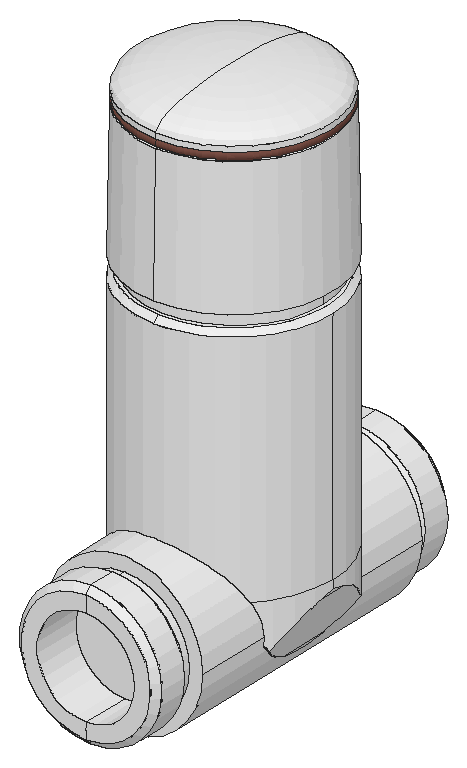
Revit family "PRD_FrankeWS_ShwrMxrs_SelfClosingShowerValve_F3SV2002", category Plumbing Fixtures, host Face, Revit 2018
Family settings
  Host = Face
  Round Connector Dimension = Use Diameter
  Part Type = Normal
  OmniClass Number = 23.45.05.14.99
  OmniClass Title = Other Sanitary Washing Plumbing Fixtures
  Cut with Voids When Loaded = No
  Shared = No
  Room Calculation Point = No
Parameters (values of type "F3SV2002 - 0.20 L/s")
  WorkingPressure = "n/a"
  WarrantyStartDate [instance] = "1900-12-31T23:59:59"
  WarrantyGuarantorParts = "n/a"
  WarrantyGuarantorLabor = "n/a"
  WarrantyDurationUnit = "year"
  WarrantyDurationParts = "n/a"
  WarrantyDurationLabor = "n/a"
  WarrantyDescription = "n/a"
  ValvePattern = "STRAIGHT_2_PORT"
  ValveOperation = "Other"
  ValveMechanism = "Other"
  TestPressure = 0.0 Pa
  OperatingMechanismMaterial = "n/a"
  OffsetFromWall [instance] = 50 mm
  VolumeFlowRate = "0.20 L/s at 3 bar"
  Version = "1"
  Uniclass2015Version = "Products v1.10"
  Uniclass2015Title = "Shower manual water supply sets"
  Uniclass2015Code = "Pr_40_20_87_78"
  URL = "www.kwc.com"
  TypeOfShower = "wall fitting"
  TypeOfOperation = "manual operation"
  TypeOfMounting = "pipe mounting"
  TypeOfMixing = "no mixing"
  ThermalDisinfection = "no"
  TapMaterial = PRD_AR_ChromatedBrass_HighPolished
  TagNumber [instance] = "n/a"
  SustainabilityPerformance = "n/a"
  SoundInsulation = "no"
  Size = "n/a"
  ShowerPipeDraining = "no"
  Shape = "n/a"
  SerialNumber [instance] = "n/a"
  RingMaterial = PRD_AR_SyntheticDarkRed
  Revision = "n/a"
  ReplacementCost = "n/a"
  ProtectiveShutdown = "no"
  ProductInformation = "https://pim.kwc.com/product/2030034415/attachment/datasheet?locale=en"
  PositionOfWaterConnection = "from bottom"
  NominalWidth = 0 mm
  NominalLength = 0 mm
  NominalHeight = 0 mm
  NetWeight = 0.50 kg
  Name = "F3 self-closing shower valve F3SV2002"
  NBSTypeID = "n/a"
  NBSReference = "45-35-70/335"
  NBSOfficeMasterTag = "n/a"
  NBSNote = "n/a"
  NBSDescription = "Shower manual water supply sets"
  NBSCertification = "n/a"
  ModelReference = "F3SV2002"
  ModelNumber = "2030034415"
  Model = ModelReference  # "F3SV2002"
  MinimumFlowTime = "5.00 seconds"
  MinimumFlowPressure = "1.00 bar"
  MaximumFlowTime = "35.00 seconds"
  MaterialsBody = "Brass"
  Material = "Brass"
  ManufacturerURL = "www.kwc.com"
  ManufacturerName = "KWC Group AG"  # constant formula
  Manufacturer = ManufacturerName  # "KWC Group AG"
  InstallationDate [instance] = "1900-12-31T23:59:59"
  InletSize = "G-3-4-B"
  IfcExportType = "COMMON"
  IfcExportAs = "IfcValveType"
  HygieneFlushing = "no"
  GrossWeight = 0.57 kg
  Grade = "n/a"
  FunctionalPrinciple = "hydraulic self-closing"
  FlowColdWater = 0.15 L/s
  FlowCoefficient = "0"
  Finish = "high-polished chromium-plated brass"
  Features = "For connection to pre-mixed hot water or cold water, high-polished chromium-plated brass."
  ExpectedLife = "n/a"
  DurationUnit = "year"
  Description = "F3S self-closing straight-way valve DN 15 for surface mounting for shower facilities. Self-closing functional part, hydraulically controlled, piston-free design, self-closing, stepless adjustment of flow duration. For connection to pre-mixed hot water or cold water. Housing including changeable valve seat, with external thread G 3/4 B, high-polished chromium-plated brass."
  DiameterNominal = 15.000 mm
  Default Elevation = 850 mm
  CreateOn = "04/2019"  # constant formula
  Constituents = "n/a"
  ConnectionWithPayWaterDispenser = "not possible"
  Color = "Chrome"
  CodePerformance = "n/a"
  CloseOffRating = 0.0 Pa
  Circulation = "no"
  Category = "Pr_40_20_87_78, Shower manual water supply sets"
  BarCode [instance] = "n/a"
  BIMObjectName = "PRD_AR_ShwrMxrs_SelfClosingShowerValve_F3SV2002"
  Author = "Archispace"  # constant formula
  AssetType = "Fixed"
  AssetIdentifier [instance] = "n/a"
  AdjustableFlowTime = "yes"
  AdditionalConnections = "no"
  AccessibilityPerformance = "n/a"
Reference planes
  plane 1 "Center (Front/Back)": y = 0
  plane 2: z = 0
  plane 3 "Center (Left/Right)": x = 0
  plane 4: z = 50
Forms (mm)
  Extrusion 1, solid, material "PRD_AR_ChromatedBrass_HighPolished" <- "TapMaterial", detail levels fine
    sketch origin (0, 0, 0) x (1, 0, 0) y (0, 1, 0)
      loop
        circle (0, 0) r 18.3
    from 56 to 100.8
  Extrusion 2, solid, material "PRD_AR_ChromatedBrass_HighPolished" <- "TapMaterial", detail levels fine
    sketch origin (0, 0, 0) x (1, 0, 0) y (0, 1, 0)
      loop
        circle (0, 0) r 16.6
    from 100.8 to 103.5
  Revolve 3, solid, material "PRD_AR_ChromatedBrass_HighPolished" <- "TapMaterial", detail levels fine
    sketch origin (0, 0, 0) x (0, 1, 0) y (0, 0, 1)
      loop
        line (0, 103.5) -> (18.3, 103.5) -> (17.845, 128.5) -> (0, 128.5) -> (0, 103.5)
      loop
        line (17.818, 130) -> (17.818, 131)
        spline (17.818, 131) -> (17.666, 131.522) -> (17.211, 132.035) -> (16.462, 132.531) -> (15.431, 133) -> (14.136, 133.435) -> (12.599, 133.828) -> (10.847, 134.173) -> (8.909, 134.464) -> (6.819, 134.696) -> (4.612, 134.864) -> (2.326, 134.966) -> (0, 135)
        line (0, 135) -> (0, 130) -> (17.818, 130)
      axis (0, 103.5) -> (0, 135)
    angle from 0 to 360
  Revolve 4, solid, material "PRD_AR_SyntheticDarkRed" <- "RingMaterial", detail levels fine
    sketch origin (0, 0, 22.8) x (0, 1, 0) y (0, 0, 1)
      loop
        arc (17.347, 105.7) -> (17.868, 106.45) -> (17.347, 107.2) r 0.8
        line (17.347, 107.2) -> (0, 107.2) -> (0, 105.7) -> (17.347, 105.7)
      axis (0, 107.2) -> (0, 105.7)
    angle from 0 to 360
  Sweep 5, void
    path origin (0, 104.123, 50) x (0, 1, 0) y (-1, 0, 0)
      loop
        circle (-104.123, 0) r 18.3
    profile origin (-18.3, 0, 50) x (1, 0, 0) y (0, 0, 1)
      loop
        line (0, 50.8) -> (0, 49.8) -> (1, 50.8) -> (0, 50.8)
  Revolve 6, solid, material "PRD_AR_ChromatedBrass_HighPolished" <- "TapMaterial", detail levels fine
    sketch origin (0, 0, 0) x (0, 1, 0) y (0, 0, 1)
      loop
        line (34, 61.9) -> (32.8, 63.1) -> (27.8, 63.1) -> (26.6, 61.9) -> (25.1, 61.9) -> (25.1, 59) -> (34, 59) -> (34, 61.9)
      axis (34, 50) -> (25.1, 50)
    angle from 0 to 360
  Extrusion 7, solid, material "PRD_AR_ChromatedBrass_HighPolished" <- "TapMaterial", detail levels fine
    sketch origin (0, 0, 0) x (1, 0, 0) y (0, 0, 1)
      loop
        circle (0, 50) r 14.5
    from -25.1 to 25.1
  Revolve 8, solid, material "PRD_AR_ChromatedBrass_HighPolished" <- "TapMaterial", detail levels fine
    sketch origin (0, 0, 0) x (0, -1, 0) y (0, 0, 1)
      loop
        line (34, 61.9) -> (32.8, 63.1) -> (27.8, 63.1) -> (26.6, 61.9) -> (25.1, 61.9) -> (25.1, 59) -> (34, 59) -> (34, 61.9)
      axis (34, 50) -> (25.1, 50)
    angle from 0 to 360
  Extrusion 9, solid, material "PRD_AR_ChromatedBrass_HighPolished" <- "TapMaterial", detail levels fine
    sketch origin (0, 0, 0) x (1, 0, 0) y (0, 0, 1)
      loop
        arc (-12.925, 43.429) -> (-12.246, 42.236) -> (-11.457, 41.113) r 14.5
        line (-11.457, 41.113) -> (11.457, 41.113)
        arc (11.457, 41.113) -> (12.246, 42.236) -> (12.925, 43.429) r 14.5
        line (12.925, 43.429) -> (18.083, 53.573)
        arc (18.083, 53.573) -> (18.245, 54.013) -> (18.3, 54.479) r 2
        line (18.3, 54.479) -> (18.3, 56) -> (-18.3, 56) -> (-18.3, 54.479)
        arc (-18.3, 54.479) -> (-18.245, 54.013) -> (-18.083, 53.573) r 2
        line (-18.083, 53.573) -> (-12.925, 43.429)
    from -25.1 to 25.1
  Extrusion 10, void
    sketch origin (0, 0, 0) x (1, 0, 0) y (0, 1, 0)
      loop
        circle (0, 0) r 18.3
      loop
        line (-20.572, 26.7) -> (-20.572, -28.3) -> (21.614, -28.3) -> (21.614, 26.7) -> (-20.572, 26.7)
    from 35.5 to 135
  Extrusion 11, void
    sketch origin (0, 0, 0) x (0, 1, 0) y (0, 0, 1)
      loop
        arc (13.174, 52.917) -> (0, 42.601) -> (-13.174, 52.917) r 13.569
        line (-13.174, 52.917) -> (-18.079, 52.917) -> (-18.079, 39.479) -> (19.279, 39.479) -> (19.279, 52.917) -> (13.174, 52.917)
    from -22.395 to 25.545
  Extrusion 12, solid, material "PRD_AR_ChromatedBrass_HighPolished" <- "TapMaterial", detail levels medium
    sketch origin (0, 0, 0) x (1, 0, 0) y (0, 0, 1)
      loop
        circle (0, 50) r 14.5
    from -34 to 34
  Extrusion 13, solid, material "PRD_AR_ChromatedBrass_HighPolished" <- "TapMaterial", detail levels medium
    sketch origin (0, 104.123, 50) x (0, 1, 0) y (-1, 0, 0)
      loop
        circle (-104.123, 0) r 18.3
    from 0 to 85
  Extrusion 14, solid, material "PRD_AR_ChromatedBrass_HighPolished" <- "TapMaterial", detail levels coarse
    sketch origin (0, 104.123, 50) x (0, 1, 0) y (-1, 0, 0)
      loop
        line (-70.123, 18.3) -> (-138.123, 18.3) -> (-138.123, -18.3) -> (-70.123, -18.3) -> (-70.123, 18.3)
    from -14.5 to 85
  Extrusion 15, solid, material "PRD_AR_ChromatedBrass_HighPolished", not visible
    sketch origin (0, 0, 0) x (1, 0, 0) y (0, 0, 1)
      loop
        circle (0, 50) r 2
    from -34 to 34
Cuts and joins
  Sweep 5 cuts Extrusion 1
  Extrusion 10, Extrusion 11 cuts Extrusion 9
  joined: Extrusion 1, Extrusion 7, Extrusion 9
  joined: Extrusion 12, Extrusion 13
Dimensions and locks
  "OffsetFromWall": plane 4 to level
  locked: cut or joined group of Extrusion 1, Sweep 5, Extrusion 7, Extrusion 9, Extrusion 10, Extrusion 11 to plane 4 at 50.8
  locked: Revolve 3 sketch curve to plane 4 at 53.5
  locked: Revolve 3 sketch curve to plane 4 at 78.5
  locked: Revolve 3 sketch curve to plane 4 at 80
  locked: Revolve 3 sketch curve to plane 4 at 81
  locked: cut or joined group of Extrusion 1, Sweep 5, Extrusion 7, Extrusion 9, Extrusion 10, Extrusion 11 to plane 4 at 6
  locked: plane 4 to Extrusion 14 at 14.5
  locked: Extrusion 14 to plane 4 at 85
  aligned and locked: plane 2 to host face
  aligned and locked: level to host face
  aligned and locked: Revolve 3 to Extrusion 2
  aligned and locked: Extrusion 2 to cut or joined group of Extrusion 1, Sweep 5, Extrusion 7, Extrusion 9, Extrusion 10, Extrusion 11
  aligned and locked: Extrusion 10 to cut or joined group of Extrusion 12, Extrusion 13
  aligned and locked: Extrusion 14 to Extrusion 10
  aligned and locked: Extrusion 14 to Extrusion 13
Automatic sketch dimensions
  host sketch curve to host sketch curve = 2438.4 mm  (x2)
  plane 1 "Center (Front/Back)" to Extrusion 1 sketch curve = 0 mm
  Extrusion 1 sketch curve to plane 3 "Center (Left/Right)" = 0 mm
  plane 1 "Center (Front/Back)" to Extrusion 2 sketch curve = 0 mm
  Extrusion 2 sketch curve to plane 3 "Center (Left/Right)" = 0 mm
  Revolve 3 sketch curve to plane 1 "Center (Front/Back)" = 0 mm  (x3)
  Revolve 3 sketch curve to Revolve 3 sketch curve = 0.027 mm
  Revolve 3 sketch curve to Revolve 3 sketch curve = 4 mm
  Revolve 3 sketch curve to Revolve 3 sketch curve = 0.228 mm
  Revolve 3 sketch curve to Revolve 3 sketch curve = 5 mm
  Revolve 4 sketch curve to plane 1 "Center (Front/Back)" = 0 mm  (x2)
  Revolve 4 sketch curve to Revolve 4 sketch curve = 0.278 mm  (x2)
  plane 4 to Revolve 4 sketch curve = 78.5 mm
  Revolve 4 sketch curve to Revolve 4 sketch curve = 0.75 mm
  Revolve 4 sketch curve to Revolve 4 sketch curve = 0.445 mm
  Revolve 4 sketch curve to Revolve 4 sketch curve = 2 mm
  plane 1 "Center (Front/Back)" to Sweep 5 sketch curve = 0 mm
  Sweep 5 sketch curve to plane 3 "Center (Left/Right)" = 0 mm
  profile plane to Sweep 5 sketch curve = 0 mm
  Sweep 5 sketch curve to profile plane = 1 mm
  profile plane to Sweep 5 sketch curve = 49.8 mm
  Sweep 5 sketch curve to Sweep 5 sketch curve = 1 mm
  Revolve 6 sketch curve to plane 4 = 0 mm
  Revolve 6 sketch curve to Revolve 6 sketch curve = 1.2 mm  (x3)
  Revolve 6 sketch curve to Revolve 6 sketch curve = 5 mm
  plane 4 to Revolve 6 sketch curve = 9 mm
  Revolve 6 sketch curve to Revolve 6 sketch curve = 2.9 mm  (x2)
  plane 1 "Center (Front/Back)" to Revolve 6 sketch curve = 9.11 mm
  Revolve 6 sketch curve to Revolve 6 sketch curve = 1.89 mm
  Extrusion 7 sketch curve to plane 3 "Center (Left/Right)" = 0 mm
  Extrusion 7 sketch curve to plane 4 = 0 mm
  Revolve 8 sketch curve to plane 4 = 0 mm
  Revolve 8 sketch curve to Revolve 8 sketch curve = 1.5 mm
  Revolve 8 sketch curve to Revolve 8 sketch curve = 1.2 mm  (x3)
  Revolve 8 sketch curve to Revolve 8 sketch curve = 5 mm
  Revolve 8 sketch curve to plane 4 = 9 mm
  Revolve 8 sketch curve to Revolve 8 sketch curve = 2.9 mm  (x2)
  plane 1 "Center (Front/Back)" to Revolve 8 sketch curve = 9.11 mm
  Revolve 8 sketch curve to Revolve 8 sketch curve = 1.89 mm
  Extrusion 9 sketch curve to Extrusion 9 sketch curve = 0 mm  (x2)
  Extrusion 9 sketch curve to plane 3 "Center (Left/Right)" = 0 mm
  Extrusion 9 sketch curve to plane 4 = 0 mm
  Extrusion 9 sketch curve to plane 3 "Center (Left/Right)" = 11.457 mm
  Extrusion 9 sketch curve to plane 4 = 6.571 mm  (x2)
  Extrusion 9 sketch curve to Extrusion 9 sketch curve = 1.468 mm
  plane 4 to Extrusion 9 sketch curve = 4.479 mm  (x2)
  Extrusion 9 sketch curve to Extrusion 9 sketch curve = 3.375 mm  (x2)
  plane 4 to Extrusion 9 sketch curve = 3.573 mm  (x2)
  Extrusion 9 sketch curve to Extrusion 9 sketch curve = 1.783 mm  (x2)
  plane 3 "Center (Left/Right)" to Extrusion 9 sketch curve = 11.457 mm
  Extrusion 9 sketch curve to Extrusion 9 sketch curve = 1.521 mm
  plane 1 "Center (Front/Back)" to Extrusion 10 sketch curve = 0 mm
  Extrusion 10 sketch curve to plane 3 "Center (Left/Right)" = 0 mm
  Extrusion 10 sketch curve to plane 3 "Center (Left/Right)" = 20.572 mm
  plane 3 "Center (Left/Right)" to Extrusion 10 sketch curve = 21.614 mm
  Extrusion 11 sketch curve to plane 1 "Center (Front/Back)" = 0 mm
  plane 4 to Extrusion 11 sketch curve = 2.917 mm  (x2)
  Extrusion 11 sketch curve to plane 4 = 10.521 mm
  plane 4 to Extrusion 11 sketch curve = 6.17 mm
  Revolve 8 sketch curve to plane 1 "Center (Front/Back)" = 25.1 mm
  plane 1 "Center (Front/Back)" to Extrusion 10 sketch curve = 28.3 mm
  plane 1 "Center (Front/Back)" to Extrusion 11 sketch curve = 13.174 mm
  Extrusion 11 sketch curve to Extrusion 11 sketch curve = 4.906 mm
  Revolve 3 sketch curve to Revolve 3 sketch curve = 17.818 mm
  Revolve 3 sketch curve to Revolve 3 sketch curve = 18.3 mm
  Revolve 4 sketch curve to plane 1 "Center (Front/Back)" = 17.068 mm
  Revolve 6 sketch curve to plane 1 "Center (Front/Back)" = 25.1 mm
  Revolve 6 sketch curve to Revolve 6 sketch curve = 1.5 mm
  Extrusion 10 sketch curve to plane 1 "Center (Front/Back)" = 26.7 mm
  Extrusion 11 sketch curve to Extrusion 11 sketch curve = 6.106 mm
  Extrusion 12 sketch curve to plane 3 "Center (Left/Right)" = 0 mm
  Extrusion 12 sketch curve to plane 4 = 0 mm
  plane 1 "Center (Front/Back)" to Extrusion 13 sketch curve = 0 mm
  Extrusion 13 sketch curve to plane 3 "Center (Left/Right)" = 0 mm
  Extrusion 14 sketch curve to plane 1 "Center (Front/Back)" = 34 mm
  plane 3 "Center (Left/Right)" to Extrusion 14 sketch curve = 18.3 mm
  Extrusion 14 sketch curve to plane 3 "Center (Left/Right)" = 18.3 mm
  plane 1 "Center (Front/Back)" to Extrusion 14 sketch curve = 34 mm
  Extrusion 15 sketch curve to plane 3 "Center (Left/Right)" = 0 mm
  Extrusion 15 sketch curve to plane 4 = 0 mm
  radius of Extrusion 1 sketch curve = 18.3 mm
  radius of Extrusion 2 sketch curve = 16.6 mm
  radius of Sweep 5 sketch curve = 18.3 mm
  radius of Extrusion 7 sketch curve = 14.5 mm
  radius of Extrusion 10 sketch curve = 18.3 mm
  radius of Extrusion 12 sketch curve = 14.5 mm
  radius of Extrusion 13 sketch curve = 18.3 mm
  radius of Extrusion 15 sketch curve = 2 mm
Connectors
  piping at (0, -34, 50), diameter 15, driven by "FlowColdWater", driven by "DiameterNominal", driven by "InletSize"
    settings: on Extrusion 15, index 1, connector inside diameter 609.600 mm, connector length 0 mm, flow factor 0, pipe flow 0.15 L/s, pressure drop 0.0 Pa, fitting loss kfactor 0, connector angle 0.00°, fixture units 0, engagement length 0 mm, angle of deflection 0.00°, flow configuration 2, flow direction 1, fitting loss method 0, system type 7, joint type 0, gender type 0, connector reference index -1, connector utility 0, adjustable connector no, is connector primary yes, connector description "G-3-4-B"
